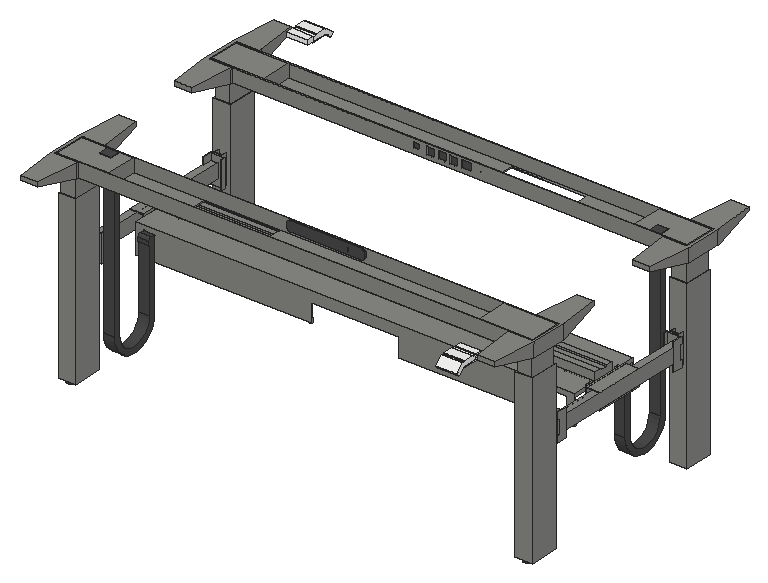
Revit family "Support-Teknion-HNBFNA_Navigate_Frame-R2016", category Furniture, Revit 2016
Family settings
  OmniClass Number = 23.40.20.00
  OmniClass Title = General Furniture and Specialties
  Work Plane-Based = No
  Always vertical = Yes
  Cut with Voids When Loaded = No
  Shared = Yes
  Room Calculation Point = No
Parameters (values of type "Standard Electric (27" - 43")")
  e-Chain Manager Finish [instance] = Plastic - Teknion - E - Ebony
  Wire Channel Finish [instance] = Paint - Teknion - Mica - Anthracite
  Width [instance] = 70.000"
  Warranty = "http://www.teknion.com/ca/papers/legal-canada"
  Unit Weight URL = "http://www.teknion.com/ca/tools/assets#&asset=bee6a381-b954-425e-8283-5a2de3a804f2,f828d448-4b62-4231-9e5f-9a8991c0ed77"
  URL = "www.teknion.com"
  To render please download texture images found here [instance] = "https://assets.teknion.com/web/5e81352c1dfdb467/revit-material-swatches/"
  Sustainability Data = "https://www.teknion.com/ca/tools/assets#&topic=216f99a5-57a0-44fc-b10a-9dee9b29ae4c&asset=444deb64-fe58-4b68-981e-f75e97781df7,b4ff2d81-9f2e-437d-9659-7cffb09c31cf"
  Single-Sided (A) [instance] = no
  Single Sided (B) [instance] = no
  Side B Right e-Chain [instance] = not([Side B Left e-Chain])  # no
  Side B Left e-Chain [instance] = yes
  Side A Right e-Chain [instance] = not([Side A Left e-Chain])  # no
  Side A Left e-Chain [instance] = yes
  Series = "Height-Adjustable Bench"  # constant formula
  Product Page URL = "https://www.teknion.com/ca/products/product-details?productLineId=7951336e-8e7a-673b-a6c8-ff00004460c4"
  Product Line = "Navigate"  # constant formula
  Product Documentation Link = "https://www.teknion.com/pricing/hab/pdfs/HNBFNA_ppg.pdf"
  Power Tray Finish [instance] = Paint - Teknion - Mica - Anthracite
  Power Pole Required (B) [instance] = no
  Power Pole Required (A) [instance] = no
  Power Accessory Finish [instance] = Plastic - Teknion - White
  Part Number = "HNBFNA"  # constant formula
  Outer Leg Layer Height = if(Extended Electrics Extended, 17.953", 22.736")  # 22.736"
  Not Extend Electrics Extended = not(Extended Electrics Extended)  # yes
  No Wire Channel [instance] = no
  Navigate Mid Cover - Metal (B) [instance] = no
  Navigate Mid Cover - Metal (A) [instance] = no
  Navigate Link (B) [instance] = no
  Navigate Link (A) [instance] = no
  Model = "HNBFNA7S_"
  Midcover Power Pole Cutout (A) [instance] = if(and([Navigate Mid Cover - Metal (A)], [Power Pole Required (A)]), 18.000", 15.000")  # 15.000"
  Mid Cover Power Pole Cutout (B) [instance] = if(and([Navigate Mid Cover - Metal (B)], [Power Pole Required (B)]), 18.000", 15.000")  # 15.000"
  Mid Cover Finish [instance] = Paint - Teknion - Mica - Anthracite
  Manufacturer Phone = "416-661-3370"  # constant formula
  Manufacturer Fax = "416.661.4586"  # constant formula
  Manufacturer Contact Information = "http://www.teknion.com/ca/contactus"
  Manufacturer Address = "1150 Flint Road, Toronto, ON. M3J 2J5. Canada"  # constant formula
  Manufacturer = "Teknion"  # constant formula
  How To Use Teknion Materials User Guide [instance] = "https://assets.teknion.com/m/205dd0a49fa58060/original/How-to-add-a-Material-Library-and-Texture-Images-to-your-Revit-project.pdf"
  Horizontal Power Module [instance] = no
  Height [instance] = 29.000"
  Has Navigate Wire Channel [instance] = or([Dual-Sided], [Single-Sided (A)], [Single Sided (B)])  # yes
  End Screen Cover Finish [instance] = Paint - Teknion - Mica - Anthracite
  End Screen Cover - Metal (B) [instance] = no
  End Screen Cover - Metal (A) [instance] = no
  End Gable Finish [instance] = Paint - Teknion - Mica - Anthracite
  End Gable - Metal (B) [instance] = no
  End Gable - Metal (A) [instance] = no
  End Cover Finish [instance] = Paint - Teknion - Mica - Anthracite
  End Cover - Metal (B) [instance] = no
  End Cover - Metal (A) [instance] = no
  Dual-Sided [instance] = yes
  Base Feed Cover Finish [instance] = Paint - Teknion - Mica - Anthracite
  Base Feed Cover (B) [instance] = no
  Base Feed Cover (A) [instance] = no
  Actual Height [instance] = Height - 1.000"  # 28.000"
  (HNBFNF) Navigate Link [instance] = "Select none, 1 or both options below"  # constant formula
  (HNBFCN)-Navigate Wire Channel Settings [instance] = "Select 1 of 3 options below"  # constant formula
  Frame Finish [instance] = Paint - Teknion - Mica - Anthracite
  Frame Cutout Offset [instance] = if(or(Width < 46.000", Width = 46.000"), 1.835", if(Width = 52.000", 4.835", 5.335"))  # 5.335"
  For Additional Finishes please visit [instance] = "https://assets.teknion.com/m/44a8009b046e5d47/original/Teknion_Materials_Library.zip"
  Description = "Navigate Frame, Standard Electric"
  Depth [instance] = 48.000"
  Available Widths [instance] = "46, 52, 58, 64, 70, 76, 82, 88, and 94 Inches"  # constant formula
  Available Heights [instance] = if(Standard Electric, "27 Inches to 43 Inches", if(Extended Electrics Restricted, "25 Inches to 48.7 Inches", "22.6 Inches to 48.7 Inches"))  # "27 Inches to 43 Inches"
  Available Depths [instance] = "48, 60, and 72 Inches"  # constant formula
  Assembly Code = "E2020200"
  Actual Width [instance] = if(or(Width < 46.000", Width = 46.000"), 42.297", if(Width = 52.000", 48.297", if(Width = 58.000", 54.297", if(Width = 64.000", 60.297", if(Width = 70.000", 66.297", if(Width = 76.000", 72.297", if(Width = 82.000", 78.297", if(Width = 88.000", 84.297", if(Width = 94.000", 90.297", if(Width > 94.000", 90.297", 66.297"))))))))))  # 66.297"
  Actual Depth [instance] = if(or(Depth < 48.000", Depth = 48.000"), 43.429", if(Depth = 60.000", 49.429", if(or(Depth = 72.000", Depth > 72.000"), 55.429", 49.429")))  # 43.429"
  Extended Electrics Extended = no
  Extended Electrics Restricted = no
  Standard Electric = yes
  (HNBEPM) Navigate Power Module [instance] = "Select to turn on or off"  # constant formula
  (HNBEEE) Navigate e-Chain Vertical Cable Manager [instance] = "Select Orientation of each side"  # constant formula
  (HNBEBC) Navigate Base Feed Cover [instance] = "Select none or one of the options below"  # constant formula
  (HNBCGEMN) -Navigate End Gable - Metal [instance] = "Select none, 1 or both options below"  # constant formula
  (HNBCCSMN) - Navigate End Screen Cover - Metal [instance] = "Select none, 1 or both options below"  # constant formula
  (HNBCCMMN) Navigate Mid Cover - Metal [instance] = "Select none, 1 or both options below. Select if power pole configuration is reuqired."  # constant formula
  (HNBCCEMN) Navigate End Cover - Metal [instance] = "Select none, 1 or both options below"  # constant formula
Reference planes (in)
  plane 1 "Center Front/Back": y = 0
  plane 2: z = 0
  plane 3 "Center Left/Right": x = 0
  plane 4 "Left": x = -35
  plane 5 "Right": x = 35
  plane 6 "Back": y = 24
  plane 7 "Front": y = -24
  plane 8 "Top": z = 28
  plane 9: y = 21.7145
  plane 10: x = 33.1485
  plane 11: y = -21.7145
  plane 12: x = -33.1485
  plane 13: z = 26.18898
  plane 14: z = 18.28633
  plane 15: z = 22.23765
  plane 16 "LEFT Reference for Frame Run": x = -35.93152
  plane 17 "RIGHT Reference for Frame Run": x = 35.93152
  plane 18 "Snap End Screen Here Left": x = -35.82737
  plane 19 "Snap End Screen Here Right": x = 35.82737
Forms (in)
  Sweep 1, solid, material "Paint - Teknion - Mica - Anthracite" <- "Frame Finish"
    path origin (0, 0, 0) x (1, 0, 0) y (0, 0, 1)
      loop
        line (0, 0.33333) -> (0, 23.06933)
    profile origin (0, 0, 11.70133) x (-1, 0, 0) y (0, -1, 0)
      loop
        line (32.49269, -15.21852) -> (32.49269, -11.28151) -> (30.13048, -11.28151) -> (30.13048, -15.21852) -> (32.49269, -15.21852)
      loop
        line (-32.49269, -15.21852) -> (-30.13048, -15.21852) -> (-30.13048, -11.28151) -> (-32.49269, -11.28151) -> (-32.49269, -15.21852)
      loop
        line (32.49269, 15.21852) -> (30.13048, 15.21852) -> (30.13048, 11.28151) -> (32.49269, 11.28151) -> (32.49269, 15.21852)
      loop
        line (-32.49269, 15.21852) -> (-32.49269, 11.28151) -> (-30.13048, 11.28151) -> (-30.13048, 15.21852) -> (-32.49269, 15.21852)
  Sweep 2, solid, material "Paint - Teknion - Mica - Anthracite" <- "Frame Finish", visible <- "Not Extend Electrics Extended"
    path origin (0, 0, 0) x (1, 0, 0) y (0, 0, 1)
      loop
        line (0, 3.51183) -> (0, 26.18898)
    profile origin (0, 0, 14.8504) x (-1, 0, 0) y (0, -1, 0)
      loop
        line (30.32733, -15.02169) -> (32.29583, -15.02169) -> (32.29583, -11.47836) -> (30.32733, -11.47836) -> (30.32733, -15.02169)
      loop
        line (-30.31991, -15.02169) -> (-30.31991, -11.47836) -> (-32.28842, -11.47836) -> (-32.28842, -15.02169) -> (-30.31991, -15.02169)
      loop
        line (30.32733, 15.02169) -> (30.32733, 11.47836) -> (32.29583, 11.47836) -> (32.29583, 15.02169) -> (30.32733, 15.02169)
      loop
        line (-30.31991, 15.02169) -> (-32.28842, 15.02169) -> (-32.28842, 11.47836) -> (-30.31991, 11.47836) -> (-30.31991, 15.02169)
  Sweep 3, solid, material "Paint - Teknion - Mica - Anthracite" <- "Frame Finish"
    path origin (0, 0, 0) x (1, 0, 0) y (0, 0, 1)
      loop
        line (0, 26.07087) -> (0, 28)
    profile origin (0, 0, 27.03543) x (-1, 0, 0) y (0, -1, 0)
      loop
        line (32.55772, -21.71461) -> (33.14827, -15.76972) -> (33.14827, -10.73035) -> (32.55772, -4.78547) -> (30.19551, -4.78547) -> (29.60496, -10.73035) -> (29.60496, -10.92021) -> (32.68583, -10.92021) -> (32.68583, -15.57987) -> (29.60496, -15.57987) -> (29.60496, -15.76972) -> (30.19551, -21.71461) -> (32.55772, -21.71461)
      loop
        line (-32.55772, -21.71461) -> (-30.19551, -21.71461) -> (-29.60496, -15.76972) -> (-29.60496, -15.57987) -> (-32.68583, -15.57987) -> (-32.68583, -10.92021) -> (-29.60496, -10.92021) -> (-29.60496, -10.73035) -> (-30.19551, -4.78547) -> (-32.55772, -4.78547) -> (-33.14827, -10.73035) -> (-33.14827, -15.76972) -> (-32.55772, -21.71461)
      loop
        line (32.55772, 21.71461) -> (30.19551, 21.71461) -> (29.60496, 15.76972) -> (29.60496, 15.57987) -> (32.68583, 15.57987) -> (32.68583, 10.92021) -> (29.60496, 10.92021) -> (29.60496, 10.73035) -> (30.19551, 4.78547) -> (32.55772, 4.78547) -> (33.14827, 10.73035) -> (33.14827, 15.76972) -> (32.55772, 21.71461)
      loop
        line (-32.55772, 21.71461) -> (-33.14827, 15.76972) -> (-33.14827, 10.73035) -> (-32.55772, 4.78547) -> (-30.19551, 4.78547) -> (-29.60496, 10.73035) -> (-29.60496, 10.92021) -> (-32.68583, 10.92021) -> (-32.68583, 15.57987) -> (-29.60496, 15.57987) -> (-29.60496, 15.76972) -> (-30.19551, 21.71461) -> (-32.55772, 21.71461)
  Sweep 4, solid, material "Paint - Teknion - Mica - Anthracite" <- "Frame Finish"
    path origin (0, 0, 0) x (1, 0, 0) y (0, 0, 1)
      loop
        line (0, 26.18898) -> (0, 28)
    profile origin (0, 0, 27.09449) x (-1, 0, 0) y (0, -1, 0)
      loop
        line (25.44173, -15.41539) -> (32.68583, -15.41539) -> (32.68583, -11.08469) -> (25.44173, -11.08469) -> (25.44173, -15.41539)
      loop
        line (-25.44173, -15.41539) -> (-25.44173, -11.08469) -> (-32.68583, -11.08469) -> (-32.68583, -15.41539) -> (-25.44173, -15.41539)
      loop
        line (25.44173, 15.41539) -> (25.44173, 11.08469) -> (32.68583, 11.08469) -> (32.68583, 15.41539) -> (25.44173, 15.41539)
      loop
        line (-25.44173, 15.41539) -> (-32.68583, 15.41539) -> (-32.68583, 11.08469) -> (-25.44173, 11.08469) -> (-25.44173, 15.41539)
  Sweep 5, void
    path origin (0, 0, 0) x (1, 0, 0) y (0, 1, 0)
      loop
        line (-33.1485, 0) -> (33.1485, 0)
    profile origin (0, 0, 0) x (0, 1, 0) y (0, 0, 1)
      loop
        line (21.7145, 23.05277) -> (21.7145, 27.40942) -> (15.84164, 26.07087) -> (10.65843, 26.07087) -> (4.78558, 27.40942) -> (-4.78558, 27.40942) -> (-10.65843, 26.07087) -> (-15.84164, 26.07087) -> (-21.7145, 27.40942) -> (-21.7145, 23.05277) -> (21.7145, 23.05277)
  Sweep 6, solid, material "Paint - Teknion - Mica - Anthracite" <- "Frame Finish"
    path origin (0, 0, 0) x (1, 0, 0) y (0, 1, 0)
      loop
        line (-32.68583, 0) -> (32.68583, 0)
    profile origin (0, 0, 0) x (0, 1, 0) y (0, 0, 1)
      loop
        line (15.54362, 28) -> (15.43902, 28) -> (15.43902, 26.18898) -> (11.06106, 26.18898) -> (11.06106, 28) -> (10.95646, 28) -> (10.95646, 26.08438) -> (15.54362, 26.08438) -> (15.54362, 28)
      loop
        line (-15.54362, 28) -> (-15.54362, 26.08438) -> (-10.95646, 26.08438) -> (-10.95646, 28) -> (-11.06106, 28) -> (-11.06106, 26.18898) -> (-15.43902, 26.18898) -> (-15.43902, 28) -> (-15.54362, 28)
  Sweep 7, solid, material "Paint - Teknion - Mica - Anthracite" <- "Frame Finish"
    path origin (0, 0, 0) x (1, 0, 0) y (0, 0, 1)
      loop
        line (0, 13.02835) -> (0, 16.79213)
    profile origin (0, 0, 14.91024) x (-1, 0, 0) y (0, -1, 0)
      loop
        line (32.31575, 9.19492) -> (32.31575, 10.57287) -> (30.3, 10.57287) -> (30.3, 9.98232) -> (30.43449, 9.98232) -> (30.43449, 10.43839) -> (32.18126, 10.43839) -> (32.18126, 9.19492) -> (32.31575, 9.19492)
      loop
        line (-32.31575, 9.19492) -> (-32.18126, 9.19492) -> (-32.18126, 10.43839) -> (-30.43449, 10.43839) -> (-30.43449, 9.98232) -> (-30.3, 9.98232) -> (-30.3, 10.57287) -> (-32.31575, 10.57287) -> (-32.31575, 9.19492)
      loop
        line (32.31575, -9.19492) -> (32.18126, -9.19492) -> (32.18126, -10.43839) -> (30.43449, -10.43839) -> (30.43449, -9.98232) -> (30.3, -9.98232) -> (30.3, -10.57287) -> (32.31575, -10.57287) -> (32.31575, -9.19492)
      loop
        line (-32.31575, -9.19492) -> (-32.31575, -10.57287) -> (-30.3, -10.57287) -> (-30.3, -9.98232) -> (-30.43449, -9.98232) -> (-30.43449, -10.43839) -> (-32.18126, -10.43839) -> (-32.18126, -9.19492) -> (-32.31575, -9.19492)
  Sweep 8, void
    path origin (0, 0, 0) x (1, 0, 0) y (0, 1, 0)
      loop
        line (0, 11.28151) -> (0, 10.29814)
    profile origin (0, 10.78983, 0) x (1, 0, 0) y (0, 0, 1)
      loop
        line (-31.93126, 15.9102) -> (-33.1485, 15.9102) -> (-33.1485, 13.91027) -> (-31.93126, 13.91027) -> (-31.93126, 15.9102)
      loop
        line (31.93126, 15.9102) -> (31.93126, 13.91027) -> (33.1485, 13.91027) -> (33.1485, 15.9102) -> (31.93126, 15.9102)
  Sweep 9, void
    path origin (0, 0, 0) x (1, 0, 0) y (0, 1, 0)
      loop
        line (0, -10.29814) -> (0, -11.47836)
    profile origin (0, -10.88825, 0) x (1, 0, 0) y (0, 0, 1)
      loop
        line (-31.93126, 15.9102) -> (-33.1485, 15.9102) -> (-33.1485, 13.91027) -> (-31.93126, 13.91027) -> (-31.93126, 15.9102)
      loop
        line (31.93126, 15.9102) -> (31.93126, 13.91027) -> (33.1485, 13.91027) -> (33.1485, 15.9102) -> (31.93126, 15.9102)
  Sweep 10, solid, material "Paint - Teknion - Mica - Anthracite" <- "Frame Finish"
    path origin (0, 0, 0) x (1, 0, 0) y (0, 0, 1)
      loop
        line (0, 16.91024) -> (0, 12.91024)
    profile origin (0, 0, 14.91024) x (0, -1, 0) y (1, 0, 0)
      loop
        line (11.28151, -31.89843) -> (11.28151, -31.76394) -> (10.70736, -31.76394) -> (10.70736, -30.85181) -> (11.28151, -30.85181) -> (11.28151, -30.71732) -> (10.57287, -30.71732) -> (10.57287, -31.89843) -> (11.28151, -31.89843)
      loop
        line (11.28151, 31.89843) -> (10.57287, 31.89843) -> (10.57287, 30.71732) -> (11.28151, 30.71732) -> (11.28151, 30.85181) -> (10.70736, 30.85181) -> (10.70736, 31.76394) -> (11.28151, 31.76394) -> (11.28151, 31.89843)
      loop
        line (-11.28151, -31.89843) -> (-10.57287, -31.89843) -> (-10.57287, -30.71732) -> (-11.28151, -30.71732) -> (-11.28151, -30.85181) -> (-10.70736, -30.85181) -> (-10.70736, -31.76394) -> (-11.28151, -31.76394) -> (-11.28151, -31.89843)
      loop
        line (-11.28151, 31.89843) -> (-11.28151, 31.76394) -> (-10.70736, 31.76394) -> (-10.70736, 30.85181) -> (-11.28151, 30.85181) -> (-11.28151, 30.71732) -> (-10.57287, 30.71732) -> (-10.57287, 31.89843) -> (-11.28151, 31.89843)
  Sweep 11, solid, material "Paint - Teknion - Mica - Anthracite" <- "Frame Finish"
    path origin (0, 0, 0) x (1, 0, 0) y (0, 1, 0)
      loop
        line (0, 10.43839) -> (0, -10.43839)
    profile origin (0, 0, 0) x (1, 0, 0) y (0, 0, 1)
      loop
        line (-31.18126, 15.91024) -> (-32.18126, 15.91024) -> (-32.18126, 13.91027) -> (-31.18126, 13.91027) -> (-31.18126, 15.91024)
      loop
        line (-32.05626, 15.78524) -> (-32.05626, 14.03524) -> (-31.30626, 14.03524) -> (-31.30626, 15.78524) -> (-32.05626, 15.78524)
      loop
        line (31.18126, 15.91024) -> (31.18126, 13.91027) -> (32.18126, 13.91027) -> (32.18126, 15.91024) -> (31.18126, 15.91024)
      loop
        line (32.05626, 15.78524) -> (31.30626, 15.78524) -> (31.30626, 14.03524) -> (32.05626, 14.03524) -> (32.05626, 15.78524)
  Sweep 12, solid, material "Paint - Teknion - Mica - Anthracite" <- "Frame Finish"
    path origin (0, 0, 0) x (1, 0, 0) y (0, 1, 0)
      loop
        line (0, 3.34646) -> (0, -3.34646)
    profile origin (0, 0, 0) x (1, 0, 0) y (0, 0, 1)
      loop
        line (-32.18126, 16.0148) -> (-32.18126, 15.9102) -> (-30.40459, 15.9102) -> (-30.40459, 13.91027) -> (-32.18126, 13.91027) -> (-32.18126, 13.80567) -> (-30.3, 13.80567) -> (-30.3, 16.0148) -> (-32.18126, 16.0148)
      loop
        line (32.18126, 16.0148) -> (30.3, 16.0148) -> (30.3, 13.80567) -> (32.18126, 13.80567) -> (32.18126, 13.91027) -> (30.40459, 13.91027) -> (30.40459, 15.9102) -> (32.18126, 15.9102) -> (32.18126, 16.0148)
  Sweep 13, void
    path origin (0, 0, 0) x (1, 0, 0) y (0, 0, 1)
      loop
        line (0, 25.5) -> (0, 28)
    profile origin (0, 0, 26.75) x (-1, 0, 0) y (0, -1, 0)
      loop
        line (29.92992, 11.06106) -> (32.68583, 11.06106) -> (32.68583, 15.43902) -> (29.92992, 15.43902) -> (29.92992, 11.06106)
      loop
        line (29.92992, -11.06106) -> (29.92992, -15.43902) -> (32.68583, -15.43902) -> (32.68583, -11.06106) -> (29.92992, -11.06106)
      loop
        line (-29.92992, 11.06106) -> (-29.92992, 15.43902) -> (-32.68583, 15.43902) -> (-32.68583, 11.06106) -> (-29.92992, 11.06106)
      loop
        line (-29.92992, -11.06106) -> (-32.68583, -11.06106) -> (-32.68583, -15.43902) -> (-29.92992, -15.43902) -> (-29.92992, -11.06106)
  Sweep 14, void
    path origin (0, 0, 0) x (1, 0, 0) y (0, 0, 1)
      loop
        line (0, 28) -> (0, 25.5)
    profile origin (0, 0, 26.75) x (0, -1, 0) y (1, 0, 0)
      loop
        line (-15.1696, 5.335) -> (-11.33048, 5.335) -> (-11.33048, 15.68933) -> (-15.1696, 15.68933) -> (-15.1696, 5.335)
      loop
        line (11.33048, -15.68933) -> (15.1696, -15.68933) -> (15.1696, -5.335) -> (11.33048, -5.335) -> (11.33048, -15.68933)
  Sweep 15, void
    path origin (0, 0, 0) x (1, 0, 0) y (0, 1, 0)
      loop
        line (0, 10.2145) -> (0, 12.2145)
    profile origin (0, 11.2145, 0) x (-1, 0, 0) y (0, 0, 1)
      loop
        line (-1.81102, 27.74409) -> (-3.24921, 27.74409) -> (-3.24921, 26.64173) -> (-1.81102, 26.64173) -> (-1.81102, 27.74409)
      loop
        line (-0.23622, 27.74409) -> (-1.33858, 27.74409) -> (-1.33858, 26.64173) -> (-0.23622, 26.64173) -> (-0.23622, 27.74409)
      loop
        line (1.33858, 27.74409) -> (0.23622, 27.74409) -> (0.23622, 26.64173) -> (1.33858, 26.64173) -> (1.33858, 27.74409)
      loop
        line (2.91339, 27.74409) -> (1.81102, 27.74409) -> (1.81102, 26.64173) -> (2.91339, 26.64173) -> (2.91339, 27.74409)
      loop
        line (4.76476, 27.62697) -> (3.89665, 27.62697) -> (3.89665, 26.75886) -> (4.76476, 26.75886) -> (4.76476, 27.62697)
  Sweep 16, void
    path origin (0, 0, 0) x (1, 0, 0) y (0, 1, 0)
      loop
        line (0, -13.2145) -> (0, -10.7145)
    profile origin (0, -11.9645, 0) x (-1, 0, 0) y (0, 0, 1)
      loop
        line (3.24921, 27.74409) -> (1.81102, 27.74409) -> (1.81102, 26.64173) -> (3.24921, 26.64173) -> (3.24921, 27.74409)
      loop
        line (1.33858, 26.64173) -> (1.33858, 27.74409) -> (0.23622, 27.74409) -> (0.23622, 26.64173) -> (1.33858, 26.64173)
      loop
        line (-0.23622, 27.74409) -> (-1.33858, 27.74409) -> (-1.33858, 26.64173) -> (-0.23622, 26.64173) -> (-0.23622, 27.74409)
      loop
        line (-1.81102, 26.64173) -> (-1.81102, 27.74409) -> (-2.91339, 27.74409) -> (-2.91339, 26.64173) -> (-1.81102, 26.64173)
      loop
        line (-3.89665, 26.75886) -> (-3.89665, 27.62697) -> (-4.76476, 27.62697) -> (-4.76476, 26.75886) -> (-3.89665, 26.75886)
  Sweep 17, solid, material "Plastic - Teknion - E - Ebony"
    path origin (0, 0, 0) x (1, 0, 0) y (0, 1, 0)
      loop
        line (0, 11.06106) -> (0, 11.19886)
    profile origin (0, 11.12996, 0) x (-1, 0, 0) y (0, 0, 1)
      loop
        line (5.72835, 27.90398) -> (-3.83858, 27.90398)
        arc (-3.83858, 27.90398) -> (-4.25787, 27.73031) -> (-4.43154, 27.31103) r 0.59296
        line (-4.43154, 27.31103) -> (-4.43154, 27.07481)
        arc (-4.43154, 27.07481) -> (-4.25787, 26.65552) -> (-3.83858, 26.48185) r 0.59296
        line (-3.83858, 26.48185) -> (5.72835, 26.48185)
        arc (5.72835, 26.48185) -> (6.14763, 26.65552) -> (6.3213, 27.07481) r 0.59296
        line (6.3213, 27.07481) -> (6.3213, 27.31103)
        arc (6.3213, 27.31103) -> (6.14763, 27.73031) -> (5.72835, 27.90398) r 0.59296
  Sweep 18, solid, material "Plastic - Teknion - E - Ebony"
    path origin (0, 0, 0) x (1, 0, 0) y (0, 1, 0)
      loop
        line (0, -11.06106) -> (0, -11.19886)
    profile origin (0, -11.12996, 0) x (1, 0, 0) y (0, 0, 1)
      loop
        arc (6.3189, 27.31103) -> (6.14593, 27.72861) -> (5.72835, 27.90158) r 0.59055
        line (5.72835, 27.90158) -> (-3.83858, 27.90158)
        arc (-3.83858, 27.90158) -> (-4.25617, 27.72861) -> (-4.42913, 27.31103) r 0.59055
        line (-4.42913, 27.31103) -> (-4.42913, 27.07481)
        arc (-4.42913, 27.07481) -> (-4.25617, 26.65722) -> (-3.83858, 26.48426) r 0.59055
        line (-3.83858, 26.48426) -> (5.72835, 26.48426)
        arc (5.72835, 26.48426) -> (6.14593, 26.65722) -> (6.3189, 27.07481) r 0.59055
        line (6.3189, 27.07481) -> (6.3189, 27.31103)
  Sweep 19, solid, material "Paint - Teknion - Mica - Anthracite" <- "Frame Finish", visible <- "Extended Electrics Extended"
    path origin (0, 0, 0) x (1, 0, 0) y (0, 0, 1)
      loop
        line (0, 22.23765) -> (0, 4.59965)
    profile origin (0, 0, 13.41865) x (0, -1, 0) y (1, 0, 0)
      loop
        line (-15.02169, -32.29583) -> (-11.47839, -32.29583) -> (-11.47839, -30.32733) -> (-15.02169, -30.32733) -> (-15.02169, -32.29583)
      loop
        line (-15.02169, 32.28842) -> (-15.02169, 30.31991) -> (-11.47839, 30.31991) -> (-11.47839, 32.28842) -> (-15.02169, 32.28842)
      loop
        line (15.02169, -32.29583) -> (15.02169, -30.32733) -> (11.47839, -30.32733) -> (11.47839, -32.29583) -> (15.02169, -32.29583)
      loop
        line (15.02169, 32.28842) -> (11.47839, 32.28842) -> (11.47839, 30.31991) -> (15.02169, 30.31991) -> (15.02169, 32.28842)
  Sweep 20, solid, material "Paint - Teknion - Mica - Anthracite" <- "Frame Finish", visible <- "Extended Electrics Extended"
    path origin (0, 0, 0) x (1, 0, 0) y (0, 0, 1)
      loop
        line (0, 26.18898) -> (0, 9.04298)
    profile origin (0, 0, 17.61598) x (0, -1, 0) y (1, 0, 0)
      loop
        line (-14.82484, -32.09528) -> (-11.67524, -32.09528) -> (-11.67524, -30.52047) -> (-14.82484, -30.52047) -> (-14.82484, -32.09528)
      loop
        line (-14.82484, 32.09528) -> (-14.82484, 30.52047) -> (-11.67524, 30.52047) -> (-11.67524, 32.09528) -> (-14.82484, 32.09528)
      loop
        line (14.82484, -32.09528) -> (14.82484, -30.52047) -> (11.67524, -30.52047) -> (11.67524, -32.09528) -> (14.82484, -32.09528)
      loop
        line (14.82484, 32.09528) -> (11.67524, 32.09528) -> (11.67524, 30.52047) -> (14.82484, 30.52047) -> (14.82484, 32.09528)
  Sweep 21, solid
    path origin (0, 0, 0) x (1, 0, 0) y (0, 0, 1)
      loop
        line (0, 0.13267) -> (0, 0.33333)
    profile origin (0, 0, 0.233) x (-1, 0, 0) y (0, -1, 0)
      loop
        line (31.64252, -14.29265) -> (31.30787, -14.09944) -> (30.97323, -14.29265) -> (30.97323, -14.67907) -> (31.30787, -14.87227) -> (31.64252, -14.67907) -> (31.64252, -14.29265)
      loop
        line (30.97323, 14.29265) -> (31.30787, 14.09944) -> (31.64252, 14.29265) -> (31.64252, 14.67907) -> (31.30787, 14.87227) -> (30.97323, 14.67907) -> (30.97323, 14.29265)
      loop
        line (-31.64252, 14.29265) -> (-31.30787, 14.09944) -> (-30.97323, 14.29265) -> (-30.97323, 14.67907) -> (-31.30787, 14.87227) -> (-31.64252, 14.67907) -> (-31.64252, 14.29265)
      loop
        line (-31.30787, -14.09944) -> (-31.64252, -14.29265) -> (-31.64252, -14.67907) -> (-31.30787, -14.87227) -> (-30.97323, -14.67907) -> (-30.97323, -14.29265) -> (-31.30787, -14.09944)
  Sweep 22, solid, material "Plastic - Teknion - E - Ebony"
    path origin (0, 0, 0) x (1, 0, 0) y (0, 0, 1)
      loop
        line (0, 0) -> (0, 0.13267)
    profile origin (0, 0, 0.06634) x (-1, 0, 0) y (0, -1, 0)
      loop
        circle (31.30787, -14.48586) r 0.59447
      loop
        circle (-31.30787, -14.48586) r 0.59447
      loop
        circle (31.30787, 14.48586) r 0.59447
      loop
        circle (-31.30787, 14.48586) r 0.59447
  Sweep 23, solid, material "Paint - Teknion - Mica - Very White"
    path origin (0, 0, 0) x (1, 0, 0) y (0, 1, 0)
      loop
        line (-27.08232, 0) -> (-29.89563, 0)
    profile origin (-28.48898, 0, 0) x (0, -1, 0) y (0, 0, 1)
      loop
        line (-24.96736, 27.03471) -> (-24.641, 26.64577) -> (-23.79536, 27.35534) -> (-21.74236, 27.35534) -> (-21.74236, 27.86159) -> (-22.24232, 27.86159) -> (-22.24232, 28) -> (-23.60059, 28) -> (-23.60059, 27.86159) -> (-23.98192, 27.86159) -> (-24.96736, 27.03471)
      loop
        line (-21.59964, 28) -> (-21.59964, 27.37403)
        arc (-21.59964, 27.37403) -> (-21.63328, 27.29281) -> (-21.7145, 27.25917) r 0.11486
        line (-21.7145, 27.25917) -> (-23.63677, 27.25917) -> (-23.55886, 27.18126) -> (-21.64621, 27.18126) -> (-21.52825, 27.29921) -> (-20.73362, 27.29921) -> (-20.73362, 28) -> (-21.59964, 28)
  Sweep 24, solid, material "Paint - Teknion - Mica - Very White"
    path origin (0, 0, 0) x (1, 0, 0) y (0, 1, 0)
      loop
        line (29.89563, 0) -> (27.08232, 0)
    profile origin (28.48898, 0, 0) x (0, -1, 0) y (0, 0, 1)
      loop
        line (24.96736, 27.03471) -> (23.98192, 27.86159) -> (23.60059, 27.86159) -> (23.60059, 28) -> (22.24232, 28) -> (22.24232, 27.86159) -> (21.74236, 27.86159) -> (21.74236, 27.35534) -> (23.79536, 27.35534) -> (24.641, 26.64577) -> (24.96736, 27.03471)
      loop
        line (21.59964, 28) -> (20.73362, 28) -> (20.73362, 27.29921) -> (21.52825, 27.29921) -> (21.64621, 27.18126) -> (23.55886, 27.18126) -> (23.63677, 27.25917) -> (21.7145, 27.25917)
        arc (21.7145, 27.25917) -> (21.63328, 27.29281) -> (21.59964, 27.37403) r 0.11486
        line (21.59964, 27.37403) -> (21.59964, 28)
  Sweep 25, solid, material "Paint - Teknion - Mica - Anthracite" <- "Wire Channel Finish", visible <- "Dual-Sided"
    path origin (0, 0, 0) x (1, 0, 0) y (0, 1, 0)
      loop
        line (-30.08, 0) -> (30.08, 0)
    profile origin (0, 0, 0) x (0, 1, 0) y (0, 0, 1)
      loop
        line (5, 15.8398) -> (1.47638, 15.8398) -> (1.47638, 16.9648) -> (0.54, 16.9648) -> (0.53, 16.7768) -> (-0.53, 16.7768) -> (-0.54, 16.9648) -> (-1.47638, 16.9648) -> (-1.47638, 15.8398) -> (-5, 15.8398) -> (-5, 11.8398) -> (-4.844, 11.8398) -> (-4.844, 12.4648) -> (-4.892, 12.4648) -> (-4.892, 11.89006) -> (-4.952, 11.89006) -> (-4.952, 15.3418) -> (4.952, 15.3418) -> (4.952, 11.89006) -> (4.892, 11.89006) -> (4.892, 12.4648) -> (4.844, 12.4648) -> (4.844, 11.8398) -> (5, 11.8398) -> (5, 15.8398)
  Sweep 26, void
    path origin (0, 0, 0) x (1, 0, 0) y (0, 1, 0)
      loop
        line (0, -5.5) -> (0, 5.5)
    profile origin (0, 0, 0) x (-1, 0, 0) y (0, 0, 1)
      loop
        line (6, 14.3398) -> (-6, 14.3398) -> (-6, 11.8398) -> (6, 11.8398) -> (6, 14.3398)
      loop
        line (28.985, 15.2218) -> (27.435, 15.2218) -> (27.435, 13.2218) -> (28.985, 13.2218) -> (28.985, 15.2218)
      loop
        line (-28.985, 15.2199) -> (-28.985, 13.2199) -> (-27.435, 13.2199) -> (-27.435, 15.2199) -> (-28.985, 15.2199)
  Sweep 27, solid, material "Paint - Teknion - Mica - Anthracite" <- "Wire Channel Finish", visible <- "Dual-Sided"
    path origin (0, 0, 0) x (1, 0, 0) y (0, 1, 0)
      loop
        line (0, -2.66232) -> (0, 2.65018)
    profile origin (0, -0.00607, 0) x (-1, 0, 0) y (0, 0, 1)
      loop
        line (30.19532, 13.9218) -> (30.3, 13.9218) -> (30.3, 15.7918) -> (26.30032, 15.7918) -> (26.30032, 15.4418) -> (30.19532, 14.43404) -> (30.19532, 13.9218)
      loop
        line (-30.19532, 13.9218) -> (-30.19532, 14.43404) -> (-26.30032, 15.4418) -> (-26.30032, 15.7918) -> (-30.3, 15.7918) -> (-30.3, 13.9218) -> (-30.19532, 13.9218)
  Sweep 28, void
    path origin (0, 0, 0) x (1, 0, 0) y (0, 0, 1)
      loop
        line (0, 11.7918) -> (0, 15.7918)
    profile origin (0, 0, 13.7918) x (-1, 0, 0) y (0, -1, 0)
      loop
        line (30.08, -2.875) -> (30.08, 2.875) -> (29.705, 2.875) -> (29.705, 1.875) -> (26.05, 1.875) -> (26.05, -1.875) -> (29.705, -1.875) -> (29.705, -2.875) -> (30.08, -2.875)
      loop
        line (-30.08, -2.875) -> (-29.705, -2.875) -> (-29.705, -1.875) -> (-26.05, -1.875) -> (-26.05, 1.875) -> (-29.705, 1.875) -> (-29.705, 2.875) -> (-30.08, 2.875) -> (-30.08, -2.875)
  Sweep 29, void
    path origin (0, 0, 0) x (1, 0, 0) y (0, 1, 0)
      loop
        line (-30.19532, 0) -> (30.19532, 0)
    profile origin (0, 0, 0) x (0, 1, 0) y (0, 0, 1)
      loop
        line (2.65018, 15.7918) -> (1.5725, 15.7918) -> (1.5725, 14.4418) -> (1.46143, 14.4418) -> (1.46143, 15.6868) -> (-1.46143, 15.6868) -> (-1.46143, 14.4418) -> (-1.5725, 14.4418) -> (-1.5725, 15.7918) -> (-2.66232, 15.7918) -> (-2.66232, 13.9218) -> (2.65018, 13.9218) -> (2.65018, 15.7918)
  Sweep 30, solid, material "Paint - Teknion - Mica - Anthracite" <- "Wire Channel Finish", visible <- "Single-Sided (A)"
    path origin (0, 0, 0) x (1, 0, 0) y (0, 1, 0)
      loop
        line (-30.08, 0) -> (30.08, 0)
    profile origin (0, 0, 0) x (0, 1, 0) y (0, 0, 1)
      loop
        line (5, 11.8398) -> (5, 15.8398) -> (1.47638, 15.8398) -> (1.47638, 16.9648) -> (0.54, 16.9648) -> (0.53, 16.7768) -> (-0.53, 16.7768) -> (-0.54, 16.9648) -> (-1.47638, 16.9648) -> (-1.47638, 15.8398) -> (-5, 15.8398) -> (-5, 11.8398) -> (-4.844, 11.8398) -> (-4.844, 12.4648) -> (-4.892, 12.4648) -> (-4.892, 11.89006) -> (-4.952, 11.89006) -> (-4.952, 15.3418) -> (4.952, 15.3418) -> (4.952, 11.89006) -> (4.892, 11.89006) -> (4.892, 12.4648) -> (4.844, 12.4648) -> (4.844, 11.8398) -> (5, 11.8398)
  Sweep 31, void
    path origin (0, 0, 0) x (1, 0, 0) y (0, 1, 0)
      loop
        line (0, 0) -> (0, -5.5)
    profile origin (0, -2.75, 0) x (1, 0, 0) y (0, 0, 1)
      loop
        line (-6, 14.3398) -> (-6, 11.8398) -> (6, 11.8398) -> (6, 14.3398) -> (-6, 14.3398)
      loop
        line (-28.985, 15.2218) -> (-28.985, 13.2218) -> (-27.435, 13.2218) -> (-27.435, 15.2218) -> (-28.985, 15.2218)
      loop
        line (27.435, 15.2199) -> (27.435, 13.2199) -> (28.985, 13.2199) -> (28.985, 15.2199) -> (27.435, 15.2199)
  Sweep 32, void
    path origin (0, 0, 0) x (1, 0, 0) y (0, 0, 1)
      loop
        line (0, 15.7918) -> (0, 10.7918)
    profile origin (0, 0, 13.2918) x (0, -1, 0) y (1, 0, 0)
      loop
        line (-4.844, -26.05) -> (-4.844, -30.08) -> (4.625, -30.08) -> (4.625, -29.705) -> (2.625, -29.705) -> (2.625, -26.05) -> (-4.844, -26.05)
      loop
        line (-4.844, 26.05) -> (2.625, 26.05) -> (2.625, 29.705) -> (4.625, 29.705) -> (4.625, 30.08) -> (-4.844, 30.08) -> (-4.844, 26.05)
  Sweep 33, solid, material "Paint - Teknion - Mica - Anthracite" <- "Wire Channel Finish", visible <- "Single-Sided (A)"
    path origin (0, 0, 0) x (1, 0, 0) y (0, 1, 0)
      loop
        line (0, -1.7885) -> (0, 4.7115)
    profile origin (0, 1.4615, 0) x (-1, 0, 0) y (0, 0, 1)
      loop
        line (30.153, 13.6339) -> (30.153, 15.7918) -> (26.153, 15.7918) -> (26.153, 15.43964) -> (30.048, 14.43188) -> (30.048, 13.6339) -> (30.153, 13.6339)
      loop
        line (-30.153, 13.6339) -> (-30.048, 13.6339) -> (-30.048, 14.43188) -> (-26.153, 15.43964) -> (-26.153, 15.7918) -> (-30.153, 15.7918) -> (-30.153, 13.6339)
  Sweep 34, void
    path origin (0, 0, 0) x (1, 0, 0) y (0, 1, 0)
      loop
        line (-30.048, 0) -> (30.048, 0)
    profile origin (0, 0, 0) x (0, 1, 0) y (0, 0, 1)
      loop
        line (4.6065, 15.6849) -> (-1.6835, 15.6849) -> (-1.6835, 13.6339) -> (4.6065, 13.6339) -> (4.6065, 15.6849)
  Sweep 35, solid, material "Paint - Teknion - Mica - Anthracite" <- "Wire Channel Finish", visible <- "Single Sided (B)"
    path origin (0, 0, 0) x (1, 0, 0) y (0, 1, 0)
      loop
        line (-30.08, 0) -> (30.08, 0)
    profile origin (0, 0, 0) x (0, 1, 0) y (0, 0, 1)
      loop
        line (5, 11.8398) -> (5, 15.8398) -> (1.47638, 15.8398) -> (1.47638, 16.9648) -> (0.54, 16.9648) -> (0.53, 16.7768) -> (-0.53, 16.7768) -> (-0.54, 16.9648) -> (-1.47638, 16.9648) -> (-1.47638, 15.8398) -> (-5, 15.8398) -> (-5, 11.8398) -> (-4.844, 11.8398) -> (-4.844, 12.4648) -> (-4.892, 12.4648) -> (-4.892, 11.89006) -> (-4.952, 11.89006) -> (-4.952, 15.3418) -> (4.952, 15.3418) -> (4.952, 11.89006) -> (4.892, 11.89006) -> (4.892, 12.4648) -> (4.844, 12.4648) -> (4.844, 11.8398) -> (5, 11.8398)
  Sweep 36, void
    path origin (0, 0, 0) x (1, 0, 0) y (0, 1, 0)
      loop
        line (0, 0) -> (0, 5.5)
    profile origin (0, 2.75, 0) x (-1, 0, 0) y (0, 0, 1)
      loop
        line (6, 14.3398) -> (-6, 14.3398) -> (-6, 11.8398) -> (6, 11.8398) -> (6, 14.3398)
      loop
        line (28.985, 15.2218) -> (27.435, 15.2218) -> (27.435, 13.2218) -> (28.985, 13.2218) -> (28.985, 15.2218)
      loop
        line (-27.435, 15.2199) -> (-28.985, 15.2199) -> (-28.985, 13.2199) -> (-27.435, 13.2199) -> (-27.435, 15.2199)
  Sweep 37, void
    path origin (0, 0, 0) x (1, 0, 0) y (0, 0, 1)
      loop
        line (0, 15.7918) -> (0, 11.2918)
    profile origin (0, 0, 13.5418) x (0, -1, 0) y (1, 0, 0)
      loop
        line (-4.625, -29.705) -> (-4.625, -30.08) -> (4.844, -30.08) -> (4.844, -26.05) -> (-2.625, -26.05) -> (-2.625, -29.705) -> (-4.625, -29.705)
      loop
        line (-4.625, 29.705) -> (-2.625, 29.705) -> (-2.625, 26.05) -> (4.844, 26.05) -> (4.844, 30.08) -> (-4.625, 30.08) -> (-4.625, 29.705)
  Sweep 38, solid, material "Paint - Teknion - Mica - Anthracite" <- "Wire Channel Finish", visible <- "Single Sided (B)"
    path origin (0, 0, 0) x (1, 0, 0) y (0, 1, 0)
      loop
        line (0, -4.7115) -> (0, 1.7885)
    profile origin (0, -1.4615, 0) x (-1, 0, 0) y (0, 0, 1)
      loop
        line (30.153, 13.6339) -> (30.153, 15.7918) -> (26.153, 15.7918) -> (26.153, 15.43964) -> (30.048, 14.43188) -> (30.048, 13.6339) -> (30.153, 13.6339)
      loop
        line (-30.153, 13.6339) -> (-30.048, 13.6339) -> (-30.048, 14.43188) -> (-26.153, 15.43964) -> (-26.153, 15.7918) -> (-30.153, 15.7918) -> (-30.153, 13.6339)
  Sweep 39, void
    path origin (0, 0, 0) x (1, 0, 0) y (0, 1, 0)
      loop
        line (-30.048, 0) -> (30.048, 0)
    profile origin (0, 0, 0) x (0, 1, 0) y (0, 0, 1)
      loop
        line (1.6835, 15.6849) -> (-4.60699, 15.6849) -> (-4.60699, 14.43188) -> (1.6835, 14.43188) -> (1.6835, 15.6849)
  Sweep 40, solid, material "Paint - Teknion - Mica - Anthracite" <- "End Gable Finish", visible <- "End Gable - Metal (A)"
    path origin (0, 0, 0) x (1, 0, 0) y (0, 0, 1)
      loop
        line (0, 0.33333) -> (0, 17.03)
    profile origin (0, 0, 8.68166) x (-1, 0, 0) y (0, -1, 0)
      loop
        line (32.49269, -11.25) -> (32.49269, 11.25) -> (30.14069, 11.25) -> (30.14069, -11.25) -> (32.49269, -11.25)
  Sweep 41, void
    path origin (0, 0, 0) x (1, 0, 0) y (0, 0, 1)
      loop
        line (0, 0.36) -> (0, 17)
    profile origin (0, 0, 8.68) x (-1, 0, 0) y (0, -1, 0)
      loop
        line (32.46269, -11.22) -> (32.46269, 11.22) -> (30.17069, 11.22) -> (30.17069, -11.22) -> (32.46269, -11.22)
  Sweep 42, solid, material "Paint - Teknion - Mica - Anthracite" <- "End Gable Finish", visible <- "End Gable - Metal (B)"
    path origin (0, 0, 0) x (1, 0, 0) y (0, 0, 1)
      loop
        line (0, 0.33333) -> (0, 17.03)
    profile origin (0, 0, 8.68166) x (-1, 0, 0) y (0, -1, 0)
      loop
        line (-32.49269, -11.25) -> (-30.14069, -11.25) -> (-30.14069, 11.25) -> (-32.49269, 11.25) -> (-32.49269, -11.25)
  Sweep 43, void
    path origin (0, 0, 0) x (1, 0, 0) y (0, 0, 1)
      loop
        line (0, 0.36) -> (0, 17)
    profile origin (0, 0, 8.68) x (-1, 0, 0) y (0, -1, 0)
      loop
        line (-30.17069, -11.22) -> (-30.17069, 11.22) -> (-32.46269, 11.22) -> (-32.46269, -11.22) -> (-30.17069, -11.22)
  Sweep 44, void
    path origin (0, 0, 0) x (1, 0, 0) y (0, 0, 1)
      loop
        line (0, 0) -> (0, 2)
    profile origin (0, 0, 1) x (-1, 0, 0) y (0, -1, 0)
      loop
        line (32.01422, -2.5) -> (32.01422, 2.5) -> (30.64069, 2.5) -> (30.64069, -2.5) -> (32.01422, -2.5)
      loop
        line (-32.01422, -2.5) -> (-30.64069, -2.5) -> (-30.64069, 2.5) -> (-32.01422, 2.5) -> (-32.01422, -2.5)
  Sweep 45, void
    path origin (0, 0, 0) x (1, 0, 0) y (0, 1, 0)
      loop
        line (-31, 0) -> (31, 0)
    profile origin (0, 0, 0) x (0, 1, 0) y (0, 0, 1)
      loop
        line (1.594, 15.905) -> (-1.594, 15.905) -> (-1.594, 14.467) -> (1.594, 14.467) -> (1.594, 15.905)
      loop
        line (2.75, 13.905) -> (-2.75, 13.905) -> (-2.75, 11.905) -> (2.75, 11.905) -> (2.75, 13.905)
  Sweep 46, solid, material "Paint - Teknion - Mica - Anthracite" <- "End Cover Finish", visible <- "End Cover - Metal (A)"
    path origin (0, 0, 0) x (1, 0, 0) y (0, 1, 0)
      loop
        line (0, -11.24) -> (0, 11.24)
    profile origin (0, 0, 0) x (-1, 0, 0) y (0, 0, 1)
      loop
        line (32.43037, 11.87597) -> (32.43037, 17.03) -> (30.18537, 17.03) -> (30.18537, 11.87597) -> (30.24931, 11.87597) -> (30.24931, 12.374) -> (30.21537, 12.374) -> (30.21537, 17) -> (32.40037, 17) -> (32.40037, 12.374) -> (32.36644, 12.374) -> (32.36644, 11.87597) -> (32.43037, 11.87597)
  Sweep 47, solid, material "Paint - Teknion - Mica - Anthracite" <- "End Cover Finish", visible <- "End Cover - Metal (B)"
    path origin (0, 0, 0) x (1, 0, 0) y (0, 1, 0)
      loop
        line (0, -11.24) -> (0, 11.24)
    profile origin (0, 0, 0) x (-1, 0, 0) y (0, 0, 1)
      loop
        line (-32.43037, 11.87597) -> (-32.36644, 11.87597) -> (-32.36644, 12.374) -> (-32.40037, 12.374) -> (-32.40037, 17) -> (-30.21537, 17) -> (-30.21537, 12.374) -> (-30.24931, 12.374) -> (-30.24931, 11.87597) -> (-30.18537, 11.87597) -> (-30.18537, 17.03) -> (-32.43037, 17.03) -> (-32.43037, 11.87597)
  Sweep 48, void
    path origin (0, 0, 0) x (1, 0, 0) y (0, 1, 0)
      loop
        line (-31.18126, 0) -> (31.18126, 0)
    profile origin (0, 0, 0) x (0, 1, 0) y (0, 0, 1)
      loop
        line (2.75, 11.52736) -> (2.75, 13.905) -> (1.594, 13.905) -> (1.594, 15.905) -> (-1.594, 15.905) -> (-1.594, 13.905) -> (-2.75, 13.905) -> (-2.75, 11.52736) -> (2.75, 11.52736)
  Sweep 49, solid, material "Paint - Teknion - Mica - Anthracite" <- "End Screen Cover Finish", visible <- "End Screen Cover - Metal (A)"
    path origin (0, 0, 0) x (1, 0, 0) y (0, 1, 0)
      loop
        line (0, 11.25) -> (0, -11.25)
    profile origin (0, 0, 0) x (1, 0, 0) y (0, 0, 1)
      loop
        line (-35.82737, 17.03197) -> (-35.82737, 11.87597) -> (-32.06037, 11.87597) -> (-32.06037, 17.00197) -> (-30.21537, 17.00197) -> (-30.21537, 12.22907) -> (-30.24931, 12.22907) -> (-30.24931, 11.87597) -> (-30.18537, 11.87597) -> (-30.18537, 17.03197) -> (-35.82737, 17.03197)
  Sweep 50, void
    path origin (0, 0, 0) x (1, 0, 0) y (0, 0, 1)
      loop
        line (0, 11.87597) -> (0, 17.00197)
    profile origin (0, 0, 14.43897) x (-1, 0, 0) y (0, -1, 0)
      loop
        line (35.79746, -11.22) -> (35.79746, 11.22) -> (31.55626, 11.22) -> (31.55626, -11.22) -> (35.79746, -11.22)
  Sweep 51, void
    path origin (0, 0, 0) x (1, 0, 0) y (0, 1, 0)
      loop
        line (-35, 0) -> (-36.5, 0)
    profile origin (-35.75, 0, 0) x (0, -1, 0) y (0, 0, 1)
      loop
        line (-11.22, 16.71997) -> (-11.22, 11.87597) -> (11.22, 11.87597) -> (11.22, 16.71997) -> (6, 16.71997) -> (6, 16.28197) -> (-6, 16.28197) -> (-6, 16.71997) -> (-11.22, 16.71997)
  Sweep 52, void
    path origin (0, 0, 0) x (1, 0, 0) y (0, 1, 0)
      loop
        line (-33.1485, 0) -> (33.1485, 0)
    profile origin (0, 0, 0) x (0, 1, 0) y (0, 0, 1)
      loop
        line (-1.594, 14.467) -> (1.594, 14.467) -> (1.594, 15.905) -> (-1.594, 15.905) -> (-1.594, 14.467)
      loop
        line (2.75, 11.40697) -> (2.75, 13.90697) -> (-2.75, 13.90697) -> (-2.75, 11.40697) -> (2.75, 11.40697)
  Sweep 53, solid, material "Paint - Teknion - Mica - Anthracite" <- "End Screen Cover Finish", visible <- "End Screen Cover - Metal (B)"
    path origin (0, 0, 0) x (1, 0, 0) y (0, 1, 0)
      loop
        line (0, 11.25) -> (0, -11.25)
    profile origin (0, 0, 0) x (1, 0, 0) y (0, 0, 1)
      loop
        line (35.82737, 17.03197) -> (30.18537, 17.03197) -> (30.18537, 11.87597) -> (30.24931, 11.87597) -> (30.24931, 12.22907) -> (30.21537, 12.22907) -> (30.21537, 17.00197) -> (32.06037, 17.00197) -> (32.06037, 11.87597) -> (35.82737, 11.87597) -> (35.82737, 17.03197)
  Sweep 54, void
    path origin (0, 0, 0) x (1, 0, 0) y (0, 0, 1)
      loop
        line (0, 11.87597) -> (0, 17.00197)
    profile origin (0, 0, 14.43897) x (-1, 0, 0) y (0, -1, 0)
      loop
        line (-35.79746, -11.22) -> (-30.46162, -11.22) -> (-30.46162, 11.22) -> (-35.79746, 11.22) -> (-35.79746, -11.22)
  Sweep 55, void
    path origin (0, 0, 0) x (1, 0, 0) y (0, 1, 0)
      loop
        line (35, 0) -> (36.5, 0)
    profile origin (35.75, 0, 0) x (0, 1, 0) y (0, 0, 1)
      loop
        line (11.22, 16.71997) -> (6, 16.71997) -> (6, 16.28197) -> (-6, 16.28197) -> (-6, 16.71997) -> (-11.22, 16.71997) -> (-11.22, 11.87597) -> (11.22, 11.87597) -> (11.22, 16.71997)
  Sweep 56, solid, material "Paint - Teknion - Foundation - Ebony", visible <- "Navigate Link (A)"
    path origin (0, 0, 0) x (1, 0, 0) y (0, 0, 1)
      loop
        line (0, 13.05197) -> (0, 16.79213)
    profile origin (0, 0, 14.92205) x (-1, 0, 0) y (0, -1, 0)
      loop
        line (38.16933, -10.57295) -> (39.54728, -10.57295) -> (39.54728, -9.195) -> (39.44272, -9.195) -> (39.44272, -10.46839) -> (38.16933, -10.46839) -> (38.16933, -10.57295)
      loop
        line (33.6937, -10.57295) -> (33.6937, -10.46839) -> (32.42031, -10.46839) -> (32.42031, -9.195) -> (32.31575, -9.195) -> (32.31575, -10.57295) -> (33.6937, -10.57295)
      loop
        line (38.16933, 10.57295) -> (38.16933, 10.46839) -> (39.44272, 10.46839) -> (39.44272, 9.195) -> (39.54728, 9.195) -> (39.54728, 10.57295) -> (38.16933, 10.57295)
      loop
        line (33.6937, 10.57295) -> (32.31575, 10.57295) -> (32.31575, 9.195) -> (32.42031, 9.195) -> (32.42031, 10.46839) -> (33.6937, 10.46839) -> (33.6937, 10.57295)
  Sweep 57, solid, material "Paint - Teknion - Foundation - Ebony", visible <- "Navigate Link (A)"
    path origin (0, 0, 0) x (1, 0, 0) y (0, 1, 0)
      loop
        line (-39.44272, 0) -> (-32.42031, 0)
    profile origin (-35.93152, 0, 0) x (0, 1, 0) y (0, 0, 1)
      loop
        line (10.46839, 15.92205) -> (9.46839, 15.92205) -> (9.46839, 13.92205) -> (10.46839, 13.92205) -> (10.46839, 15.92205)
      loop
        line (-9.46839, 15.92205) -> (-10.46839, 15.92205) -> (-10.46839, 13.92205) -> (-9.46839, 13.92205) -> (-9.46839, 15.92205)
      loop
        line (-9.59339, 15.79705) -> (-10.34339, 15.79705) -> (-10.34339, 14.04705) -> (-9.59339, 14.04705) -> (-9.59339, 15.79705)
      loop
        line (10.34339, 15.79705) -> (9.59339, 15.79705) -> (9.59339, 14.04705) -> (10.34339, 14.04705) -> (10.34339, 15.79705)
  Sweep 58, solid, material "Paint - Teknion - Foundation - Ebony", visible <- "Navigate Link (B)"
    path origin (0, 0, 0) x (1, 0, 0) y (0, 0, 1)
      loop
        line (0, 13.05197) -> (0, 16.79213)
    profile origin (0, 0, 14.92205) x (-1, 0, 0) y (0, -1, 0)
      loop
        line (-33.6937, -10.57295) -> (-32.31575, -10.57295) -> (-32.31575, -9.19492) -> (-32.42031, -9.19492) -> (-32.42031, -10.46839) -> (-33.6937, -10.46839) -> (-33.6937, -10.57295)
      loop
        line (-33.6937, 10.57295) -> (-33.6937, 10.46839) -> (-32.42031, 10.46839) -> (-32.42031, 9.19492) -> (-32.31575, 9.19492) -> (-32.31575, 10.57295) -> (-33.6937, 10.57295)
      loop
        line (-38.16933, -10.57295) -> (-38.16933, -10.46839) -> (-39.44272, -10.46839) -> (-39.44272, -9.19492) -> (-39.54728, -9.19492) -> (-39.54728, -10.57295) -> (-38.16933, -10.57295)
      loop
        line (-38.16933, 10.57295) -> (-39.54728, 10.57295) -> (-39.54728, 9.19492) -> (-39.44272, 9.19492) -> (-39.44272, 10.46839) -> (-38.16933, 10.46839) -> (-38.16933, 10.57295)
  Sweep 59, solid, material "Paint - Teknion - Foundation - Ebony", visible <- "Navigate Link (B)"
    path origin (0, 0, 0) x (1, 0, 0) y (0, 1, 0)
      loop
        line (39.44272, 0) -> (32.42031, 0)
    profile origin (35.93152, 0, 0) x (0, -1, 0) y (0, 0, 1)
      loop
        line (-9.46839, 13.92205) -> (-9.46839, 15.92205) -> (-10.46839, 15.92205) -> (-10.46839, 13.92205) -> (-9.46839, 13.92205)
      loop
        line (-9.59339, 15.79705) -> (-10.34339, 15.79705) -> (-10.34339, 14.04705) -> (-9.59339, 14.04705) -> (-9.59339, 15.79705)
      loop
        line (9.46839, 15.92205) -> (9.46839, 13.92205) -> (10.46839, 13.92205) -> (10.46839, 15.92205) -> (9.46839, 15.92205)
      loop
        line (9.59339, 14.04705) -> (10.34339, 14.04705) -> (10.34339, 15.79705) -> (9.59339, 15.79705) -> (9.59339, 14.04705)
  Sweep 60, void
    path origin (0, 0, 0) x (1, 0, 0) y (0, 1, 0)
      loop
        line (-39.54728, 0) -> (39.54728, 0)
    profile origin (0, 0, 0) x (0, 1, 0) y (0, 0, 1)
      loop
        line (10.57287, 16.67402) -> (10.57287, 17.03197) -> (9.195, 17.03197) -> (9.195, 16.67402) -> (9.50996, 16.67402) -> (9.50996, 16.79213) -> (10.25799, 16.79213) -> (10.25799, 16.67402) -> (10.57287, 16.67402)
      loop
        line (10.57287, 13.17008) -> (10.25799, 13.17008) -> (10.25799, 13.05197) -> (9.50996, 13.05197) -> (9.50996, 13.17008) -> (9.195, 13.17008) -> (9.195, 12.81213) -> (10.57287, 12.81213) -> (10.57287, 13.17008)
      loop
        line (-10.57287, 16.67402) -> (-10.25799, 16.67402) -> (-10.25799, 16.79213) -> (-9.50996, 16.79213) -> (-9.50996, 16.67402) -> (-9.195, 16.67402) -> (-9.195, 17.03197) -> (-10.57287, 17.03197) -> (-10.57287, 16.67402)
      loop
        line (-10.57287, 13.17008) -> (-10.57287, 12.81213) -> (-9.195, 12.81213) -> (-9.195, 13.17008) -> (-9.50996, 13.17008) -> (-9.50996, 13.05197) -> (-10.25799, 13.05197) -> (-10.25799, 13.17008) -> (-10.57287, 13.17008)
  Sweep 61, void
    path origin (0, 0, 0) x (1, 0, 0) y (0, 0, 1)
      loop
        line (0, 15.92205) -> (0, 13.92205)
    profile origin (0, 0, 14.92205) x (0, -1, 0) y (1, 0, 0)
      loop
        line (-10.57295, -39.29728) -> (-10.57295, -39.54728) -> (-10.32295, -39.54728) -> (-10.32295, -39.29728) -> (-10.57295, -39.29728)
      loop
        line (-10.57295, -32.56575) -> (-10.32295, -32.56575) -> (-10.32295, -32.31575) -> (-10.57295, -32.31575) -> (-10.57295, -32.56575)
      loop
        line (10.57295, -39.29728) -> (10.32295, -39.29728) -> (10.32295, -39.54728) -> (10.57295, -39.54728) -> (10.57295, -39.29728)
      loop
        line (10.57295, -32.56575) -> (10.57295, -32.31575) -> (10.32295, -32.31575) -> (10.32295, -32.56575) -> (10.57295, -32.56575)
      loop
        line (-10.57295, 39.29728) -> (-10.32295, 39.29728) -> (-10.32295, 39.54728) -> (-10.57295, 39.54728) -> (-10.57295, 39.29728)
      loop
        line (-10.57295, 32.56575) -> (-10.57295, 32.31575) -> (-10.32295, 32.31575) -> (-10.32295, 32.56575) -> (-10.57295, 32.56575)
      loop
        line (10.57295, 39.29728) -> (10.57295, 39.54728) -> (10.32295, 39.54728) -> (10.32295, 39.29728) -> (10.57295, 39.29728)
      loop
        line (10.57295, 32.56575) -> (10.32295, 32.56575) -> (10.32295, 32.31575) -> (10.57295, 32.31575) -> (10.57295, 32.56575)
  Sweep 62, solid, material "Paint - Teknion - Mica - Anthracite" <- "Mid Cover Finish", visible <- "Navigate Mid Cover - Metal (A)"
    path origin (0, 0, 0) x (1, 0, 0) y (0, 1, 0)
      loop
        line (0, -11.24) -> (0, 11.24)
    profile origin (0, 0, 0) x (-1, 0, 0) y (0, 0, 1)
      loop
        line (41.75852, 17) -> (30.10452, 17) -> (30.10452, 11.844) -> (30.13452, 11.874) -> (30.13452, 16.97) -> (32.36902, 16.97) -> (32.36902, 11.844) -> (39.49402, 11.844) -> (39.49402, 16.97) -> (41.72852, 16.97) -> (41.72852, 11.874) -> (41.75852, 11.844) -> (41.75852, 17)
  Sweep 63, solid, material "Paint - Teknion - Mica - Anthracite" <- "Mid Cover Finish", visible <- "Navigate Mid Cover - Metal (B)"
    path origin (0, 0, 0) x (1, 0, 0) y (0, 1, 0)
      loop
        line (0, -11.24) -> (0, 11.24)
    profile origin (0, 0, 0) x (-1, 0, 0) y (0, 0, 1)
      loop
        line (-41.75852, 17) -> (-41.75852, 11.844) -> (-41.72852, 11.874) -> (-41.72852, 16.97) -> (-39.49402, 16.97) -> (-39.49402, 11.844) -> (-32.36902, 11.844) -> (-32.36902, 16.97) -> (-30.13452, 16.97) -> (-30.13452, 11.874) -> (-30.10452, 11.844) -> (-30.10452, 17) -> (-41.75852, 17)
  Sweep 64, void
    path origin (0, 0, 0) x (1, 0, 0) y (0, 1, 0)
      loop
        line (0, 11.21) -> (0, -11.21)
    profile origin (0, 0, 0) x (1, 0, 0) y (0, 0, 1)
      loop
        line (-40.61127, 16.97) -> (-40.61127, 10.97) -> (-31.25177, 10.97) -> (-31.25177, 16.97) -> (-40.61127, 16.97)
      loop
        line (40.61127, 16.97) -> (31.25177, 16.97) -> (31.25177, 10.97) -> (40.61127, 10.97) -> (40.61127, 16.97)
  Sweep 65, void
    path origin (0, 0, 0) x (1, 0, 0) y (0, 1, 0)
      loop
        line (-42.54728, 0) -> (42.45272, 0)
    profile origin (-0.04728, 0, 0) x (0, 1, 0) y (0, 0, 1)
      loop
        line (2.75, 13.875) -> (1.594, 13.875) -> (1.594, 15.875) -> (-1.59437, 15.875) -> (-1.59437, 13.875) -> (-2.75659, 13.875) -> (-2.75659, 11.844) -> (2.75, 11.844) -> (2.75, 13.875)
  Sweep 66, void
    path origin (0, 0, 0) x (1, 0, 0) y (0, 0, 1)
      loop
        line (0, 0) -> (0, 15)
    profile origin (0, 0, 7.5) x (-1, 0, 0) y (0, -1, 0)
      loop
        line (37.18152, -1.375) -> (37.18152, 1.375) -> (34.68152, 1.375) -> (34.68152, -1.375) -> (37.18152, -1.375)
  Sweep 67, void
    path origin (0, 0, 0) x (1, 0, 0) y (0, 0, 1)
      loop
        line (0, 0) -> (0, 15)
    profile origin (0, 0, 7.5) x (-1, 0, 0) y (0, -1, 0)
      loop
        line (-34.68152, -1.375) -> (-34.68152, 1.375) -> (-37.18152, 1.375) -> (-37.18152, -1.375) -> (-34.68152, -1.375)
  Sweep 68, solid, material "Paint - Teknion - Mica - Anthracite" <- "Power Tray Finish", visible <- "Horizontal Power Module"
    path origin (0, 0, 0) x (1, 0, 0) y (0, 1, 0)
      loop
        line (-7.25, 0) -> (7.25, 0)
    profile origin (0, 0, 0) x (0, 1, 0) y (0, 0, 1)
      loop
        line (1.975, 15.3418) -> (1.394, 15.3418) -> (1.394, 11.2398) -> (-1.394, 11.2398) -> (-1.394, 15.3418) -> (-1.975, 15.3418) -> (-1.975, 15.2938) -> (-1.442, 15.2938) -> (-1.442, 11.1918) -> (1.442, 11.1918) -> (1.442, 15.2938) -> (1.975, 15.2938) -> (1.975, 15.3418)
  Sweep 69, solid, material "Paint - Teknion - Mica - Anthracite" <- "Power Tray Finish", visible <- "Horizontal Power Module"
    path origin (0, 0, 0) x (1, 0, 0) y (0, 1, 0)
      loop
        line (-6.49606, 0) -> (6.49606, 0)
    profile origin (0, 0, 0) x (0, 1, 0) y (0, 0, 1)
      loop
        line (1.442, 14.51019) -> (1.442, 11.63618) -> (1.56011, 11.63618) -> (1.56011, 14.51019) -> (1.442, 14.51019)
      loop
        line (-1.442, 14.51019) -> (-1.56011, 14.51019) -> (-1.56011, 11.63618) -> (-1.442, 11.63618) -> (-1.442, 14.51019)
  Sweep 70, void
    path origin (0, 0, 0) x (1, 0, 0) y (0, 1, 0)
      loop
        line (0, 1.975) -> (0, -1.975)
    profile origin (0, 0, 0) x (1, 0, 0) y (0, 0, 1)
      loop
        arc (-5.17913, 13.74247) -> (-5.26265, 13.70788) -> (-5.29724, 13.62436) r 0.11811
        line (-5.29724, 13.62436) -> (-5.29724, 12.08893)
        arc (-5.29724, 12.08893) -> (-5.26265, 12.00541) -> (-5.17913, 11.97082) r 0.11811
        line (-5.17913, 11.97082) -> (-2.52165, 11.97082)
        arc (-2.52165, 11.97082) -> (-2.43814, 12.00541) -> (-2.40354, 12.08893) r 0.11811
        line (-2.40354, 12.08893) -> (-2.40354, 13.62436)
        arc (-2.40354, 13.62436) -> (-2.43814, 13.70788) -> (-2.52165, 13.74247) r 0.11811
        line (-2.52165, 13.74247) -> (-5.17913, 13.74247)
      loop
        arc (-1.29528, 13.54759) -> (-1.33703, 13.5303) -> (-1.35433, 13.48854) r 0.05906
        line (-1.35433, 13.48854) -> (-1.35433, 12.22476)
        arc (-1.35433, 12.22476) -> (-1.33703, 12.183) -> (-1.29528, 12.1657) r 0.05906
        line (-1.29528, 12.1657) -> (1.29528, 12.1657)
        arc (1.29528, 12.1657) -> (1.33703, 12.183) -> (1.35433, 12.22476) r 0.05906
        line (1.35433, 12.22476) -> (1.35433, 13.48854)
        arc (1.35433, 13.48854) -> (1.33703, 13.5303) -> (1.29528, 13.54759) r 0.05906
        line (1.29528, 13.54759) -> (-1.29528, 13.54759)
      loop
        arc (2.52165, 13.74247) -> (2.43814, 13.70788) -> (2.40354, 13.62436) r 0.11811
        line (2.40354, 13.62436) -> (2.40354, 12.08893)
        arc (2.40354, 12.08893) -> (2.43814, 12.00541) -> (2.52165, 11.97082) r 0.11811
        line (2.52165, 11.97082) -> (5.17913, 11.97082)
        arc (5.17913, 11.97082) -> (5.26265, 12.00541) -> (5.29724, 12.08893) r 0.11811
        line (5.29724, 12.08893) -> (5.29724, 13.62436)
        arc (5.29724, 13.62436) -> (5.26265, 13.70788) -> (5.17913, 13.74247) r 0.11811
        line (5.17913, 13.74247) -> (2.52165, 13.74247)
  Sweep 71, solid, material "Plastic - Teknion - White" <- "Power Accessory Finish", visible <- "Horizontal Power Module"
    path origin (0, 0, 0) x (1, 0, 0) y (0, 1, 0)
      loop
        line (0, -1.71736) -> (0, -0.59163)
    profile origin (0, -1.15449, 0) x (-1, 0, 0) y (0, 0, 1)
      loop
        spline (2.56832, 13.70432) -> (2.55204, 13.70318) -> (2.53616, 13.69992) -> (2.5209, 13.6947) -> (2.50636, 13.68749) -> (2.49288, 13.67847) -> (2.48074, 13.66783) -> (2.47004, 13.65568) -> (2.46099, 13.64221) -> (2.45376, 13.62771) -> (2.44847, 13.61251) -> (2.44526, 13.59682) -> (2.44402, 13.5807)
        line (2.44402, 13.5807) -> (2.44402, 12.10255)
